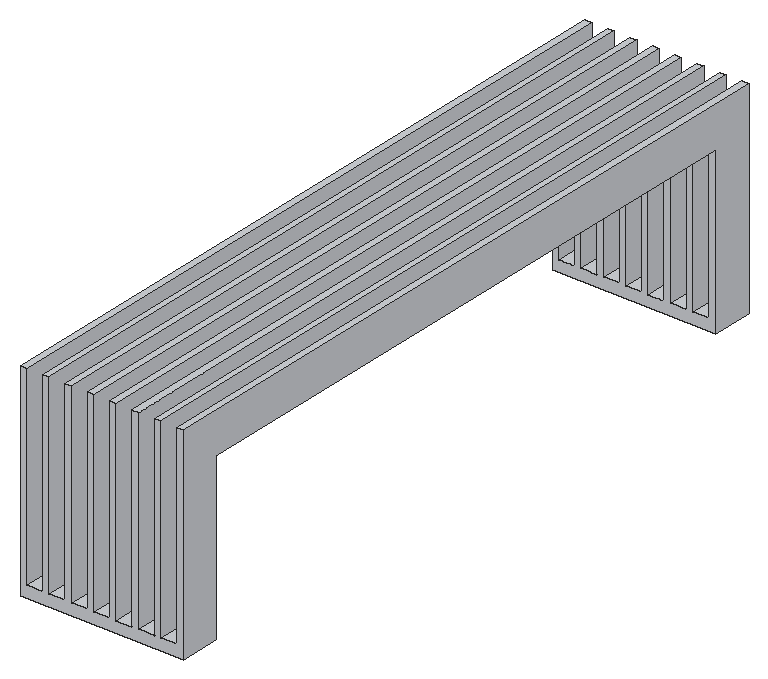
Revit family "LL08_R2016", category Generic Models, Revit 2016
Family settings
  Part Type = Normal
  Can host rebar = No
  Round Connector Dimension = Use Diameter
  OmniClass Number = 23.45.00.00
  OmniClass Title = Sanitary, Laundry, and Cleaning Equipment
  Work Plane-Based = No
  Always vertical = Yes
  Cut with Voids When Loaded = No
  Shared = No
  Room Calculation Point = No
Parameters
  Tube Length [instance] = 990 mm
  Length [instance] = 1200 mm
  Height = 350 mm
Reference planes
  plane 1: z = 0
  plane 2: z = 350
  plane 3: y = -26.341
  plane 4: y = -626.341
  plane 5: y = 573.659
Forms (mm)
  Extrusion 1, solid, not visible
    sketch origin (0, 0, 0) x (1, 0, 0) y (0, 1, 0)
      loop
        line (-495, -20) -> (-495, -31) -> (495, -31) -> (495, -20) -> (-495, -20)
    from 300 to 370
  Extrusion 2, solid, not visible
    sketch origin (0, 0, 0) x (1, 0, 0) y (0, 1, 0)
      loop
        line (-495, -20) -> (-495, -31) -> (495, -31) -> (495, -20) -> (-495, -20)
    from 300 to 370
  Extrusion 3, solid, not visible
    sketch origin (0, -24, 0) x (1, 0, 0) y (0, 1, 0)
      loop
        line (-495, -20) -> (-495, -31) -> (495, -31) -> (495, -20) -> (-495, -20)
    from 300 to 370
  Extrusion 4, solid, not visible
    sketch origin (0, -48, 0) x (1, 0, 0) y (0, 1, 0)
      loop
        line (-495, -20) -> (-495, -31) -> (495, -31) -> (495, -20) -> (-495, -20)
    from 300 to 370
  Extrusion 5, solid, not visible
    sketch origin (0, -72, 0) x (1, 0, 0) y (0, 1, 0)
      loop
        line (-495, -20) -> (-495, -31) -> (495, -31) -> (495, -20) -> (-495, -20)
    from 300 to 370
  Extrusion 6, solid, not visible
    sketch origin (0, -96, 0) x (1, 0, 0) y (0, 1, 0)
      loop
        line (-495, -20) -> (-495, -31) -> (495, -31) -> (495, -20) -> (-495, -20)
    from 300 to 370
  Extrusion 7, solid, not visible
    sketch origin (0, -120, 0) x (1, 0, 0) y (0, 1, 0)
      loop
        line (-495, -20) -> (-495, -31) -> (495, -31) -> (495, -20) -> (-495, -20)
    from 300 to 370
  Extrusion 8, solid, not visible
    sketch origin (0, -144, 0) x (1, 0, 0) y (0, 1, 0)
      loop
        line (-495, -20) -> (-495, -31) -> (495, -31) -> (495, -20) -> (-495, -20)
    from 300 to 370
  Extrusion 9, solid, not visible
    sketch origin (0, -168, 0) x (1, 0, 0) y (0, 1, 0)
      loop
        line (-495, -20) -> (-495, -31) -> (495, -31) -> (495, -20) -> (-495, -20)
    from 300 to 370
  Extrusion 10, solid, not visible
    sketch origin (0, -192, 0) x (1, 0, 0) y (0, 1, 0)
      loop
        line (-495, -20) -> (-495, -31) -> (495, -31) -> (495, -20) -> (-495, -20)
    from 300 to 370
  Extrusion 11, solid, not visible
    sketch origin (0, -216, 0) x (1, 0, 0) y (0, 1, 0)
      loop
        line (-495, -20) -> (-495, -31) -> (495, -31) -> (495, -20) -> (-495, -20)
    from 300 to 370
  Extrusion 12, solid, not visible
    sketch origin (0, -240, 0) x (1, 0, 0) y (0, 1, 0)
      loop
        line (-495, -20) -> (-495, -31) -> (495, -31) -> (495, -20) -> (-495, -20)
    from 300 to 370
  Extrusion 13, solid, not visible
    sketch origin (0, -264, 0) x (1, 0, 0) y (0, 1, 0)
      loop
        line (-495, -20) -> (-495, -31) -> (495, -31) -> (495, -20) -> (-495, -20)
    from 300 to 370
  Extrusion 14, solid, not visible
    sketch origin (0, -288, 0) x (1, 0, 0) y (0, 1, 0)
      loop
        line (-495, -20) -> (-495, -31) -> (495, -31) -> (495, -20) -> (-495, -20)
    from 300 to 370
  Extrusion 15, solid, not visible
    sketch origin (0, -312, 0) x (1, 0, 0) y (0, 1, 0)
      loop
        line (-495, -20) -> (-495, -31) -> (495, -31) -> (495, -20) -> (-495, -20)
    from 300 to 370
  Extrusion 16, solid
    sketch origin (0, 0, 0) x (0, 1, 0) y (0, 0, 1)
      loop
        line (573.659, 0) -> (573.659, 350) -> (-626.341, 350) -> (-626.341, 0) -> (-556.341, 0) -> (-556.341, 280) -> (503.659, 280) -> (503.659, 0) -> (573.659, 0)
    from 0 to 11
  Extrusion 17, solid
    sketch origin (38, 0, 0) x (0, 1, 0) y (0, 0, 1)
      loop
        line (573.659, 0) -> (573.659, 350) -> (-626.341, 350) -> (-626.341, 0) -> (-556.341, 0) -> (-556.341, 280) -> (503.659, 280) -> (503.659, 0) -> (573.659, 0)
    from 0 to 11
  Extrusion 18, solid
    sketch origin (76, 0, 0) x (0, 1, 0) y (0, 0, 1)
      loop
        line (573.659, 0) -> (573.659, 350) -> (-626.341, 350) -> (-626.341, 0) -> (-556.341, 0) -> (-556.341, 280) -> (503.659, 280) -> (503.659, 0) -> (573.659, 0)
    from 0 to 11
  Extrusion 19, solid
    sketch origin (114, 0, 0) x (0, 1, 0) y (0, 0, 1)
      loop
        line (573.659, 0) -> (573.659, 350) -> (-626.341, 350) -> (-626.341, 0) -> (-556.341, 0) -> (-556.341, 280) -> (503.659, 280) -> (503.659, 0) -> (573.659, 0)
    from 0 to 11
  Extrusion 20, solid
    sketch origin (152, 0, 0) x (0, 1, 0) y (0, 0, 1)
      loop
        line (573.659, 0) -> (573.659, 350) -> (-626.341, 350) -> (-626.341, 0) -> (-556.341, 0) -> (-556.341, 280) -> (503.659, 280) -> (503.659, 0) -> (573.659, 0)
    from 0 to 11
  Extrusion 21, solid
    sketch origin (190, 0, 0) x (0, 1, 0) y (0, 0, 1)
      loop
        line (573.659, 0) -> (573.659, 350) -> (-626.341, 350) -> (-626.341, 0) -> (-556.341, 0) -> (-556.341, 280) -> (503.659, 280) -> (503.659, 0) -> (573.659, 0)
    from 0 to 11
  Extrusion 22, solid
    sketch origin (228, 0, 0) x (0, 1, 0) y (0, 0, 1)
      loop
        line (573.659, 0) -> (573.659, 350) -> (-626.341, 350) -> (-626.341, 0) -> (-556.341, 0) -> (-556.341, 280) -> (503.659, 280) -> (503.659, 0) -> (573.659, 0)
    from 0 to 11
  Extrusion 23, solid
    sketch origin (0, 0, 0) x (1, 0, 0) y (0, 1, 0)
      loop
        line (0, -626.341) -> (277, -626.341) -> (277, -556.341) -> (0, -556.341) -> (0, -626.341)
      loop
        line (0, 503.659) -> (277, 503.659) -> (277, 573.659) -> (0, 573.659) -> (0, 503.659)
    from 0 to 20
  Extrusion 24, solid
    sketch origin (266, 0, 0) x (0, 1, 0) y (0, 0, 1)
      loop
        line (573.659, 0) -> (573.659, 350) -> (-626.341, 350) -> (-626.341, 0) -> (-556.341, 0) -> (-556.341, 280) -> (503.659, 280) -> (503.659, 0) -> (573.659, 0)
    from 0 to 11
Cuts and joins
  joined: Extrusion 16, Extrusion 17, Extrusion 18, Extrusion 19, Extrusion 20, Extrusion 21, Extrusion 22, Extrusion 23, Extrusion 24
Lines and regions (mm)
  reference lines
    curve 1: line (0, 665.378, 280) -> (0, -754.622, 280)
    curve 2: line (0, 503.659, 411.424) -> (0, 503.659, -138.576)
    curve 3: line (0, -556.341, 388.061) -> (0, -556.341, -81.939)
Dimensions and locks
  locked: Extrusion 1 sketch curve to Extrusion 1 sketch curve at 11
  locked: Extrusion 2 sketch curve to Extrusion 2 sketch curve at 11
  locked: Extrusion 3 sketch curve to Extrusion 3 sketch curve at 11
  equal spacing: group 2, group 3, group 4, group 5, group 6, group 7, group 8, group 9, group 10, group 11, group 12, group 13, group 14, group 15  (x2)
  equal spacing: group 15, group 14, group 13, group 12, group 11, group 10, group 9, group 8, group 7, group 6, group 5, group 4, group 3, group 2
  locked: Extrusion 4 sketch curve to Extrusion 4 sketch curve at 11
  locked: Extrusion 5 sketch curve to Extrusion 5 sketch curve at 11
  locked: Extrusion 6 sketch curve to Extrusion 6 sketch curve at 11
  locked: Extrusion 7 sketch curve to Extrusion 7 sketch curve at 11
  locked: Extrusion 8 sketch curve to Extrusion 8 sketch curve at 11
  locked: Extrusion 9 sketch curve to Extrusion 9 sketch curve at 11
  locked: Extrusion 10 sketch curve to Extrusion 10 sketch curve at 11
  locked: Extrusion 11 sketch curve to Extrusion 11 sketch curve at 11
  locked: Extrusion 12 sketch curve to Extrusion 12 sketch curve at 11
  locked: Extrusion 13 sketch curve to Extrusion 13 sketch curve at 11
  locked: Extrusion 14 sketch curve to Extrusion 14 sketch curve at 11
  locked: Extrusion 15 sketch curve to Extrusion 15 sketch curve at 11
  "Height": plane 2 to level
  equal spacing: plane 5, plane 3, plane 4
  "Length": plane 5 to plane 4
  locked: plane 2 to curve 1 at 70
  locked: curve 3 to plane 4 at 70
  locked: plane 5 to curve 2 at 70
  aligned and locked: level to plane 1
  aligned and locked: Extrusion 16 sketch curve to plane 2
  aligned and locked: Extrusion 16 sketch curve to plane 4
  aligned and locked: level to Extrusion 16 sketch curve  (x2)
  aligned and locked: Extrusion 16 sketch curve to curve 3
  aligned and locked: Extrusion 16 sketch curve to curve 1
  aligned and locked: curve 2 to Extrusion 16 sketch curve
  aligned and locked: Extrusion 16 sketch curve to plane 5
  aligned and locked: Extrusion 23 sketch curve to Extrusion 16  (x6)
  aligned and locked: Extrusion 23 sketch curve to Extrusion 24
  aligned and locked: Extrusion 24 to Extrusion 23 sketch curve
Automatic sketch dimensions
  Extrusion 1 sketch curve to Extrusion 1 sketch curve = 990 mm
  Extrusion 2 sketch curve to Extrusion 2 sketch curve = 990 mm
  Extrusion 3 sketch curve to Extrusion 3 sketch curve = 990 mm
  Extrusion 4 sketch curve to Extrusion 4 sketch curve = 990 mm
  Extrusion 5 sketch curve to Extrusion 5 sketch curve = 990 mm
  Extrusion 6 sketch curve to Extrusion 6 sketch curve = 990 mm
  Extrusion 7 sketch curve to Extrusion 7 sketch curve = 990 mm
  Extrusion 8 sketch curve to Extrusion 8 sketch curve = 990 mm
  Extrusion 9 sketch curve to Extrusion 9 sketch curve = 990 mm
  Extrusion 10 sketch curve to Extrusion 10 sketch curve = 990 mm
  Extrusion 11 sketch curve to Extrusion 11 sketch curve = 990 mm
  Extrusion 12 sketch curve to Extrusion 12 sketch curve = 990 mm
  Extrusion 13 sketch curve to Extrusion 13 sketch curve = 990 mm
  Extrusion 14 sketch curve to Extrusion 14 sketch curve = 990 mm
  Extrusion 15 sketch curve to Extrusion 15 sketch curve = 990 mm
  plane 4 to curve 1 = 128.281 mm
  curve 1 to plane 5 = 91.719 mm
  curve 3 to level = 81.939 mm
  curve 2 to level = 138.576 mm
  plane 2 to curve 3 = 38.061 mm
  plane 2 to curve 2 = 61.424 mm
  Extrusion 17 sketch curve to level = 0 mm  (x2)
  Extrusion 17 sketch curve to plane 4 = 0 mm
  Extrusion 17 sketch curve to plane 2 = 0 mm
  Extrusion 17 sketch curve to plane 5 = 0 mm
  Extrusion 17 sketch curve to plane 4 = 70 mm
  Extrusion 17 sketch curve to Extrusion 17 sketch curve = 70 mm
  Extrusion 17 sketch curve to plane 2 = 70 mm
  Extrusion 18 sketch curve to level = 0 mm  (x2)
  Extrusion 18 sketch curve to plane 4 = 0 mm
  Extrusion 18 sketch curve to plane 2 = 0 mm
  Extrusion 18 sketch curve to plane 5 = 0 mm
  Extrusion 18 sketch curve to plane 4 = 70 mm
  Extrusion 18 sketch curve to Extrusion 18 sketch curve = 70 mm
  Extrusion 18 sketch curve to plane 2 = 70 mm
  Extrusion 19 sketch curve to level = 0 mm  (x2)
  Extrusion 19 sketch curve to plane 4 = 0 mm
  Extrusion 19 sketch curve to plane 2 = 0 mm
  Extrusion 19 sketch curve to plane 5 = 0 mm
  Extrusion 19 sketch curve to plane 4 = 70 mm
  Extrusion 19 sketch curve to Extrusion 19 sketch curve = 70 mm
  Extrusion 19 sketch curve to plane 2 = 70 mm
  Extrusion 20 sketch curve to level = 0 mm  (x2)
  Extrusion 20 sketch curve to plane 4 = 0 mm
  Extrusion 20 sketch curve to plane 2 = 0 mm
  Extrusion 20 sketch curve to plane 5 = 0 mm
  Extrusion 20 sketch curve to plane 4 = 70 mm
  Extrusion 20 sketch curve to Extrusion 20 sketch curve = 70 mm
  Extrusion 20 sketch curve to plane 2 = 70 mm
  Extrusion 21 sketch curve to level = 0 mm  (x2)
  Extrusion 21 sketch curve to plane 4 = 0 mm
  Extrusion 21 sketch curve to plane 2 = 0 mm
  Extrusion 21 sketch curve to plane 5 = 0 mm
  Extrusion 21 sketch curve to plane 4 = 70 mm
  Extrusion 21 sketch curve to Extrusion 21 sketch curve = 70 mm
  Extrusion 21 sketch curve to plane 2 = 70 mm
  Extrusion 22 sketch curve to level = 0 mm  (x2)
  Extrusion 22 sketch curve to plane 4 = 0 mm
  Extrusion 22 sketch curve to plane 2 = 0 mm
  Extrusion 22 sketch curve to plane 5 = 0 mm
  Extrusion 22 sketch curve to plane 4 = 70 mm
  Extrusion 22 sketch curve to Extrusion 22 sketch curve = 70 mm
  Extrusion 22 sketch curve to plane 2 = 70 mm
  Extrusion 24 sketch curve to level = 0 mm  (x2)
  Extrusion 24 sketch curve to plane 4 = 0 mm
  Extrusion 24 sketch curve to plane 2 = 0 mm
  Extrusion 24 sketch curve to plane 5 = 0 mm
  Extrusion 24 sketch curve to plane 4 = 70 mm
  Extrusion 24 sketch curve to Extrusion 24 sketch curve = 70 mm
  Extrusion 24 sketch curve to plane 2 = 70 mm
